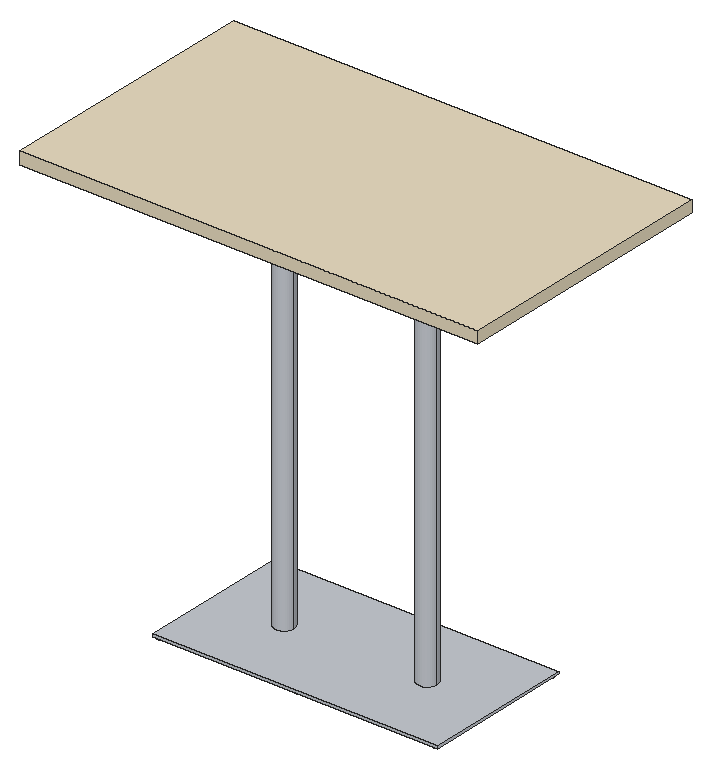
Revit family "FU_Table_Sandler_599AT-MT", category Furniture, Revit 2020
Family settings
  OmniClass Number = 23.40.20.00
  OmniClass Title = General Furniture and Specialties
  Work Plane-Based = No
  Always vertical = Yes
  Cut with Voids When Loaded = No
  Shared = No
  Room Calculation Point = No
Parameters (values of type "599AT-MT - 28x48" Top")
  Width = 747 mm
  URL = "https://www.sandlerseating.com/product/599at-mt/"
  Top Type = FU_TableTops_591 MT : 28x48" Top (70x120cm)
  Top Finish [instance] = Wood - Beech - Honey Stained
  Top Elevation = Height  # 1100 mm
  Model = "599AT-MT"
  Manufacturer = "Sandler"
  Height = 1100 mm
  Frame Finish [instance] = Metal - Paint -AL VR - White Aluminium
  Description = "Double column table base. Available in powdercoat and painted finishes.\r\nOptional upcharge for outdoor version with galvanized-treated frame and adjustable feet."
  Depth = 397 mm
  Default Elevation = 0 mm
Types (4, lengths in mm): name | Top Type | Top Finish | Frame Finish
  599AT-MT - 28x48" Top | FU_TableTops_591 MT : 28x48" Top (70x120cm) | Wood - Beech - Honey Stained | Metal - Paint -AL VR - White Aluminium
  599AT-MT - 28x52" Top | FU_TableTops_591 MT : 28x52" Top (70x130cm) | Wood - Beech - Grey Stained | Metal - Paint -AL VR - Pure White
  599AT-MT - 32x48" Top | FU_TableTops_591 MT : 32x48" Top (80x120cm) | Wood - Beech - Dark Brown Stained | Metal - Paint -AL VR - Chocolate Brown
  599AT-MT - 32x52" Top | FU_TableTops_591 MT : 32x52" Top (80x130cm) | Wood - Beech - Chestnut Stained | Metal - Paint -AL VR - Anthracite Grey
Reference planes
  plane 1 "Center (Front/Back)": y = 0
  plane 2: z = 0
  plane 3 "Center (Left/Right)": x = 0
  plane 4 "Right": x = -373.5
  plane 5 "Left": x = 373.5
  plane 6 "Back": y = 198.5
  plane 7 "Front": y = -198.5
  plane 8 "Height": z = 1100
  plane 9 "Glide height": z = 4
  plane 10 "LG H": y = 185.83
  plane 11: x = -187.5
  plane 12: x = 187.5
  plane 13: z = 1080
Forms (mm)
  Extrusion 1, solid, material "Metal - Paint -AL VR - White Aluminium" <- "Frame Finish"
    sketch origin (0, 0, 4) x (-1, 0, 0) y (0, -1, 0)
      loop
        line (373.5, -198.5) -> (373.5, 198.5) -> (-373.5, 198.5) -> (-373.5, -198.5) -> (373.5, -198.5)
    from 0 to 6
  Revolve 2, solid, material "Rubber, Black"
    sketch origin (0, 185.83, 0) x (-1, 0, 0) y (0, 0, 1)
      loop
        line (370.83, 4) -> (360.83, 4) -> (360.83, 0) -> (368.83, 0)
        arc (368.83, 0) -> (370.244, 0.586) -> (370.83, 2) r 2
        line (370.83, 2) -> (370.83, 4)
      axis (360.83, 4) -> (360.83, 0)
    angle from 0 to 360
  Revolve 3, solid, material "Rubber, Black"
    sketch origin (0, 185.83, 0) x (1, 0, 0) y (0, 0, 1)
      loop
        line (370.83, 4) -> (360.83, 4) -> (360.83, 0) -> (368.83, 0)
        arc (368.83, 0) -> (370.244, 0.586) -> (370.83, 2) r 2
        line (370.83, 2) -> (370.83, 4)
      axis (360.83, 4) -> (360.83, 0)
    angle from 0 to 360
  Revolve 4, solid, material "Rubber, Black"
    sketch origin (0, -185.83, 0) x (-1, 0, 0) y (0, 0, -1)
      loop
        line (370.83, -4) -> (370.83, -2)
        arc (370.83, -2) -> (370.244, -0.586) -> (368.83, 0) r 2
        line (368.83, 0) -> (360.83, 0) -> (360.83, -4) -> (370.83, -4)
      axis (360.83, -4) -> (360.83, 0)
    angle from 0 to 360
  Revolve 5, solid, material "Rubber, Black"
    sketch origin (0, -185.83, 0) x (1, 0, 0) y (0, 0, 1)
      loop
        line (370.83, 4) -> (360.83, 4) -> (360.83, 0) -> (368.83, 0)
        arc (368.83, 0) -> (370.244, 0.586) -> (370.83, 2) r 2
        line (370.83, 2) -> (370.83, 4)
      axis (360.83, 4) -> (360.83, 0)
    angle from 0 to 360
  Revolve 6, solid, material "Rubber, Black"
    sketch origin (-360.83, 185.83, 0) x (1, 0, 0) y (0, 0, 1)
      loop
        line (370.83, 4) -> (360.83, 4) -> (360.83, 0) -> (368.83, 0)
        arc (368.83, 0) -> (370.244, 0.586) -> (370.83, 2) r 2
        line (370.83, 2) -> (370.83, 4)
      axis (360.83, 4) -> (360.83, 0)
    angle from 0 to 360
  Revolve 7, solid, material "Rubber, Black"
    sketch origin (-360.83, -185.83, 0) x (1, 0, 0) y (0, 0, 1)
      loop
        line (370.83, 4) -> (360.83, 4) -> (360.83, 0) -> (368.83, 0)
        arc (368.83, 0) -> (370.244, 0.586) -> (370.83, 2) r 2
        line (370.83, 2) -> (370.83, 4)
      axis (360.83, 4) -> (360.83, 0)
    angle from 0 to 360
  Extrusion 8, solid, material "Metal - Paint -AL VR - White Aluminium" <- "Frame Finish"
    sketch origin (0, 0, 4) x (-1, 0, 0) y (0, -1, 0)
      loop
        circle (187.5, 0) r 25
    from 6 to 1076
  Extrusion 9, solid, material "Metal - Paint -AL VR - White Aluminium" <- "Frame Finish"
    sketch origin (0, 0, 4) x (1, 0, 0) y (0, 1, 0)
      loop
        circle (187.5, 0) r 25
    from 6 to 1076
  Extrusion 10, solid, material "Metal - Paint -AL VR - White Aluminium" <- "Frame Finish"
    sketch origin (0, 0, 1100) x (-1, 0, 0) y (0, -1, 0)
      loop
        line (235.5, 44.024) -> (307.236, 115.76)
        arc (307.236, 115.76) -> (304.418, 118.6) -> (301.532, 121.37) r 166.741
        line (301.532, 121.37) -> (227.879, 47.718) -> (147.12, 47.718) -> (73.468, 121.37)
        arc (73.468, 121.37) -> (70.582, 118.6) -> (67.764, 115.76) r 166.741
        line (67.764, 115.76) -> (139.5, 44.024) -> (139.5, -44.024) -> (67.486, -116.038)
        arc (67.486, -116.038) -> (70.298, -118.884) -> (73.177, -121.661) r 166.741
        line (73.177, -121.661) -> (146.556, -48.282) -> (228.444, -48.282) -> (301.823, -121.661)
        arc (301.823, -121.661) -> (304.702, -118.884) -> (307.514, -116.038) r 166.741
        line (307.514, -116.038) -> (235.5, -44.024) -> (235.5, 44.024)
    from -5.84 to -20
  Extrusion 11, solid, material "Metal - Paint -AL VR - White Aluminium" <- "Frame Finish"
    sketch origin (0, 0, 1100) x (-1, 0, 0) y (0, -1, 0)
      loop
        arc (235.5, 9.198) -> (237.694, 20.46) -> (243.955, 30.074) r 30
        line (243.955, 30.074) -> (342.527, 131.809)
        arc (342.527, 131.809) -> (344.782, 137.439) -> (342.439, 143.033) r 8
        line (342.439, 143.033) -> (329.622, 155.85)
        arc (329.622, 155.85) -> (323.965, 158.193) -> (318.308, 155.85) r 8
        line (318.308, 155.85) -> (219.527, 57.069)
        arc (219.527, 57.069) -> (209.794, 50.566) -> (198.314, 48.282) r 30
        line (198.314, 48.282) -> (176.686, 48.282)
        arc (176.686, 48.282) -> (165.206, 50.566) -> (155.473, 57.069) r 30
        line (155.473, 57.069) -> (56.692, 155.85)
        arc (56.692, 155.85) -> (51.035, 158.193) -> (45.378, 155.85) r 8
        line (45.378, 155.85) -> (32.561, 143.033)
        arc (32.561, 143.033) -> (30.218, 137.439) -> (32.473, 131.809) r 8
        line (32.473, 131.809) -> (131.045, 30.074)
        arc (131.045, 30.074) -> (137.306, 20.46) -> (139.5, 9.198) r 30
        line (139.5, 9.198) -> (139.5, -9.198)
        arc (139.5, -9.198) -> (137.306, -20.46) -> (131.045, -30.074) r 30
        line (131.045, -30.074) -> (32.473, -131.809)
        arc (32.473, -131.809) -> (30.218, -137.439) -> (32.561, -143.033) r 8
        line (32.561, -143.033) -> (45.378, -155.85)
        arc (45.378, -155.85) -> (51.035, -158.193) -> (56.692, -155.85) r 8
        line (56.692, -155.85) -> (155.473, -57.069)
        arc (155.473, -57.069) -> (165.206, -50.566) -> (176.686, -48.282) r 30
        line (176.686, -48.282) -> (198.314, -48.282)
        arc (198.314, -48.282) -> (209.794, -50.566) -> (219.527, -57.069) r 30
        line (219.527, -57.069) -> (318.308, -155.85)
        arc (318.308, -155.85) -> (323.965, -158.193) -> (329.622, -155.85) r 8
        line (329.622, -155.85) -> (342.439, -143.033)
        arc (342.439, -143.033) -> (344.782, -137.439) -> (342.527, -131.809) r 8
        line (342.527, -131.809) -> (243.955, -30.074)
        arc (243.955, -30.074) -> (237.694, -20.46) -> (235.5, -9.198) r 30
        line (235.5, -9.198) -> (235.5, 9.198)
      loop
        line (53.101, -141.055) -> (62.998, -131.158)
        arc (62.998, -131.158) -> (62.998, -125.502) -> (57.342, -125.502) r 3.999
        line (57.342, -125.502) -> (47.445, -135.399)
        arc (47.445, -135.399) -> (47.5, -141.001) -> (53.101, -141.055) r 4
      loop
        arc (321.899, -141.055) -> (327.5, -141.001) -> (327.555, -135.399) r 4
        line (327.555, -135.399) -> (317.658, -125.502)
        arc (317.658, -125.502) -> (312.002, -125.502) -> (312.002, -131.158) r 3.999
        line (312.002, -131.158) -> (321.899, -141.055)
      loop
        arc (53.101, 141.055) -> (47.5, 141.001) -> (47.445, 135.399) r 4
        line (47.445, 135.399) -> (57.342, 125.502)
        arc (57.342, 125.502) -> (62.998, 125.502) -> (62.998, 131.158) r 3.999
        line (62.998, 131.158) -> (53.101, 141.055)
      loop
        line (321.899, 141.055) -> (312.002, 131.158)
        arc (312.002, 131.158) -> (312.002, 125.502) -> (317.658, 125.502) r 3.999
        line (317.658, 125.502) -> (327.555, 135.399)
        arc (327.555, 135.399) -> (327.5, 141.001) -> (321.899, 141.055) r 4
      loop
        circle (187.5, 0) r 7.5
    from -9.84 to 0
  Extrusion 12, solid, material "Metal - Paint -AL VR - White Aluminium" <- "Frame Finish"
    sketch origin (0, 0, 1100) x (1, 0, 0) y (0, 1, 0)
      loop
        line (235.5, -44.024) -> (235.5, 44.024) -> (307.514, 116.038)
        arc (307.514, 116.038) -> (304.702, 118.884) -> (301.823, 121.661) r 166.741
        line (301.823, 121.661) -> (228.444, 48.282) -> (146.556, 48.282) -> (73.177, 121.661)
        arc (73.177, 121.661) -> (70.298, 118.884) -> (67.486, 116.038) r 166.741
        line (67.486, 116.038) -> (139.5, 44.024) -> (139.5, -44.024) -> (67.764, -115.76)
        arc (67.764, -115.76) -> (70.582, -118.6) -> (73.468, -121.37) r 166.741
        line (73.468, -121.37) -> (147.12, -47.718) -> (227.879, -47.718) -> (301.532, -121.37)
        arc (301.532, -121.37) -> (304.418, -118.6) -> (307.236, -115.76) r 166.741
        line (307.236, -115.76) -> (235.5, -44.024)
    from -5.84 to -20
  Extrusion 13, solid, material "Metal - Paint -AL VR - White Aluminium" <- "Frame Finish"
    sketch origin (0, 0, 1100) x (1, 0, 0) y (0, 1, 0)
      loop
        line (235.5, -9.198) -> (235.5, 9.198)
        arc (235.5, 9.198) -> (237.694, 20.46) -> (243.955, 30.074) r 30
        line (243.955, 30.074) -> (342.527, 131.809)
        arc (342.527, 131.809) -> (344.782, 137.439) -> (342.439, 143.033) r 8
        line (342.439, 143.033) -> (329.622, 155.85)
        arc (329.622, 155.85) -> (323.965, 158.193) -> (318.308, 155.85) r 8
        line (318.308, 155.85) -> (219.527, 57.069)
        arc (219.527, 57.069) -> (209.794, 50.566) -> (198.314, 48.282) r 30
        line (198.314, 48.282) -> (176.686, 48.282)
        arc (176.686, 48.282) -> (165.206, 50.566) -> (155.473, 57.069) r 30
        line (155.473, 57.069) -> (56.692, 155.85)
        arc (56.692, 155.85) -> (51.035, 158.193) -> (45.378, 155.85) r 8
        line (45.378, 155.85) -> (32.561, 143.033)
        arc (32.561, 143.033) -> (30.218, 137.439) -> (32.473, 131.809) r 8
        line (32.473, 131.809) -> (131.045, 30.074)
        arc (131.045, 30.074) -> (137.306, 20.46) -> (139.5, 9.198) r 30
        line (139.5, 9.198) -> (139.5, -9.198)
        arc (139.5, -9.198) -> (137.306, -20.46) -> (131.045, -30.074) r 30
        line (131.045, -30.074) -> (32.473, -131.809)
        arc (32.473, -131.809) -> (30.218, -137.439) -> (32.561, -143.033) r 8
        line (32.561, -143.033) -> (45.378, -155.85)
        arc (45.378, -155.85) -> (51.035, -158.193) -> (56.692, -155.85) r 8
        line (56.692, -155.85) -> (155.473, -57.069)
        arc (155.473, -57.069) -> (165.206, -50.566) -> (176.686, -48.282) r 30
        line (176.686, -48.282) -> (198.314, -48.282)
        arc (198.314, -48.282) -> (209.794, -50.566) -> (219.527, -57.069) r 30
        line (219.527, -57.069) -> (318.308, -155.85)
        arc (318.308, -155.85) -> (323.965, -158.193) -> (329.622, -155.85) r 8
        line (329.622, -155.85) -> (342.439, -143.033)
        arc (342.439, -143.033) -> (344.782, -137.439) -> (342.527, -131.809) r 8
        line (342.527, -131.809) -> (243.955, -30.074)
        arc (243.955, -30.074) -> (237.694, -20.46) -> (235.5, -9.198) r 30
      loop
        arc (53.101, 141.055) -> (47.5, 141.001) -> (47.445, 135.399) r 4
        line (47.445, 135.399) -> (57.342, 125.502)
        arc (57.342, 125.502) -> (62.998, 125.502) -> (62.998, 131.158) r 3.999
        line (62.998, 131.158) -> (53.101, 141.055)
      loop
        line (321.899, 141.055) -> (312.002, 131.158)
        arc (312.002, 131.158) -> (312.002, 125.502) -> (317.658, 125.502) r 3.999
        line (317.658, 125.502) -> (327.555, 135.399)
        arc (327.555, 135.399) -> (327.5, 141.001) -> (321.899, 141.055) r 4
      loop
        line (53.101, -141.055) -> (62.998, -131.158)
        arc (62.998, -131.158) -> (62.998, -125.502) -> (57.342, -125.502) r 3.999
        line (57.342, -125.502) -> (47.445, -135.399)
        arc (47.445, -135.399) -> (47.5, -141.001) -> (53.101, -141.055) r 4
      loop
        arc (321.899, -141.055) -> (327.5, -141.001) -> (327.555, -135.399) r 4
        line (327.555, -135.399) -> (317.658, -125.502)
        arc (317.658, -125.502) -> (312.002, -125.502) -> (312.002, -131.158) r 3.999
        line (312.002, -131.158) -> (321.899, -141.055)
      loop
        circle (187.5, 0) r 7.5
    from -9.84 to 0
Cuts and joins
  joined: Extrusion 1, Extrusion 8, Extrusion 9, Extrusion 10, Extrusion 11, Extrusion 12, Extrusion 13
Dimensions and locks
  equal spacing: plane 4 "Right", plane 3 "Center (Left/Right)", plane 5 "Left"
  "Width": plane 4 "Right" to plane 5 "Left"
  equal spacing: plane 6 "Back", plane 1 "Center (Front/Back)", plane 7 "Front"
  "Depth": plane 6 "Back" to plane 7 "Front"
  "Height": plane 8 "Height" to level
  plane 9 "Glide height" to level = 4 mm
  locked: plane 8 "Height" to plane 13 at 20
  aligned and locked: level to plane 2
  aligned and locked: plane 13 to cut or joined group of Extrusion 1, Extrusion 8, Extrusion 9, Extrusion 10, Extrusion 11, Extrusion 12, Extrusion 13  (x2)
Automatic sketch dimensions
  Extrusion 1 sketch curve to plane 5 "Left" = 0 mm
  Extrusion 1 sketch curve to plane 4 "Right" = 0 mm
  Extrusion 1 sketch curve to plane 6 "Back" = 0 mm
  Extrusion 1 sketch curve to plane 7 "Front" = 0 mm
  Revolve 2 sketch curve to plane 9 "Glide height" = 0 mm  (x2)
  Revolve 2 sketch curve to level = 0 mm
  level to Revolve 2 sketch curve = 2 mm
  Revolve 2 sketch curve to plane 4 "Right" = 4.67 mm
  Revolve 2 sketch curve to level = 1.303 mm
  Revolve 3 sketch curve to plane 9 "Glide height" = 0 mm  (x2)
  Revolve 3 sketch curve to level = 0 mm
  Revolve 3 sketch curve to plane 5 "Left" = 12.67 mm
  Revolve 3 sketch curve to level = 2 mm
  Revolve 3 sketch curve to plane 5 "Left" = 4.67 mm
  Revolve 3 sketch curve to Revolve 3 sketch curve = 0 mm
  Revolve 3 sketch curve to Revolve 3 sketch curve = 1.303 mm
  Revolve 4 sketch curve to plane 9 "Glide height" = 0 mm  (x2)
  Revolve 4 sketch curve to level = 0 mm
  level to Revolve 4 sketch curve = 2 mm
  Revolve 4 sketch curve to plane 4 "Right" = 4.67 mm
  Revolve 4 sketch curve to level = 1.303 mm
  Revolve 5 sketch curve to plane 9 "Glide height" = 0 mm  (x2)
  Revolve 5 sketch curve to level = 0 mm
  plane 5 "Left" to Revolve 5 sketch curve = 12.67 mm
  level to Revolve 5 sketch curve = 2 mm
  plane 5 "Left" to Revolve 5 sketch curve = 4.67 mm
  Revolve 5 sketch curve to Revolve 5 sketch curve = 0 mm
  Revolve 5 sketch curve to Revolve 5 sketch curve = 1.303 mm
  Revolve 6 sketch curve to plane 9 "Glide height" = 0 mm  (x2)
  Revolve 6 sketch curve to level = 0 mm
  plane 3 "Center (Left/Right)" to Revolve 6 sketch curve = 0 mm
  Revolve 6 sketch curve to level = 2 mm
  Revolve 6 sketch curve to plane 3 "Center (Left/Right)" = 8 mm
  Revolve 6 sketch curve to Revolve 6 sketch curve = 0 mm
  Revolve 6 sketch curve to Revolve 6 sketch curve = 1.303 mm
  Revolve 7 sketch curve to plane 9 "Glide height" = 0 mm  (x2)
  Revolve 7 sketch curve to level = 0 mm
  Revolve 7 sketch curve to plane 3 "Center (Left/Right)" = 0 mm
  level to Revolve 7 sketch curve = 2 mm
  plane 3 "Center (Left/Right)" to Revolve 7 sketch curve = 8 mm
  Revolve 7 sketch curve to Revolve 7 sketch curve = 0 mm
  Revolve 7 sketch curve to Revolve 7 sketch curve = 1.303 mm
  Extrusion 10 sketch curve to Extrusion 10 sketch curve = 0 mm  (x12)
  Extrusion 10 sketch curve to plane 11 = 0 mm
  Extrusion 10 sketch curve to plane 11 = 40.38 mm
  Extrusion 10 sketch curve to plane 11 = 40.944 mm
  Extrusion 10 sketch curve to Extrusion 10 sketch curve = 7.056 mm  (x2)
  Extrusion 10 sketch curve to plane 3 "Center (Left/Right)" = 73.468 mm
  Extrusion 10 sketch curve to plane 3 "Center (Left/Right)" = 73.177 mm
  Extrusion 10 sketch curve to Extrusion 10 sketch curve = 5.704 mm  (x2)
  Extrusion 10 sketch curve to Extrusion 10 sketch curve = 5.691 mm  (x2)
  plane 11 to Extrusion 10 sketch curve = 40.38 mm
  plane 11 to Extrusion 10 sketch curve = 40.944 mm
  Extrusion 10 sketch curve to plane 10 "LG H" = 64.169 mm  (x2)
  Extrusion 10 sketch curve to Extrusion 10 sketch curve = 5.623 mm
  Extrusion 10 sketch curve to plane 1 "Center (Front/Back)" = 48.282 mm
  Extrusion 10 sketch curve to Extrusion 10 sketch curve = 4.258 mm  (x2)
  plane 1 "Center (Front/Back)" to Extrusion 10 sketch curve = 44.024 mm  (x2)
  Extrusion 10 sketch curve to Extrusion 10 sketch curve = 3.693 mm
  plane 7 "Front" to Extrusion 10 sketch curve = 82.74 mm  (x2)
  plane 1 "Center (Front/Back)" to Extrusion 11 sketch curve = 0 mm
  Extrusion 11 sketch curve to plane 11 = 0 mm
  Extrusion 11 sketch curve to plane 11 = 10.814 mm  (x2)
  Extrusion 11 sketch curve to Extrusion 11 sketch curve = 21.213 mm  (x5)
  plane 1 "Center (Front/Back)" to Extrusion 11 sketch curve = 9.198 mm  (x2)
  Extrusion 11 sketch curve to plane 11 = 48 mm
  Extrusion 11 sketch curve to plane 1 "Center (Front/Back)" = 30.074 mm  (x2)
  Extrusion 11 sketch curve to Extrusion 11 sketch curve = 8.455 mm  (x4)
  plane 1 "Center (Front/Back)" to Extrusion 11 sketch curve = 30.074 mm  (x2)
  Extrusion 11 sketch curve to plane 1 "Center (Front/Back)" = 9.198 mm  (x2)
  Extrusion 11 sketch curve to plane 3 "Center (Left/Right)" = 62.998 mm  (x2)
  Extrusion 11 sketch curve to Extrusion 11 sketch curve = 2.828 mm  (x12)
  Extrusion 11 sketch curve to Extrusion 11 sketch curve = 6.306 mm  (x4)
  Extrusion 11 sketch curve to Extrusion 11 sketch curve = 9.897 mm  (x8)
  Extrusion 11 sketch curve to Extrusion 11 sketch curve = 5.657 mm  (x18)
  Extrusion 11 sketch curve to Extrusion 11 sketch curve = 2.773 mm  (x6)
  Extrusion 11 sketch curve to Extrusion 11 sketch curve = 2.883 mm  (x6)
  Extrusion 11 sketch curve to plane 10 "LG H" = 29.98 mm  (x2)
  Extrusion 11 sketch curve to Extrusion 11 sketch curve = 9.227 mm  (x4)
  Extrusion 11 sketch curve to Extrusion 11 sketch curve = 5.745 mm  (x4)
  plane 11 to Extrusion 11 sketch curve = 10.814 mm  (x2)
  plane 11 to Extrusion 11 sketch curve = 48 mm
  Extrusion 11 sketch curve to Extrusion 11 sketch curve = 12.817 mm  (x2)
  Extrusion 11 sketch curve to Extrusion 11 sketch curve = 9.138 mm  (x4)
  Extrusion 11 sketch curve to Extrusion 11 sketch curve = 48.208 mm
  Extrusion 11 sketch curve to Extrusion 11 sketch curve = 0 mm
  plane 1 "Center (Front/Back)" to Extrusion 11 sketch curve = 48.282 mm
  Extrusion 11 sketch curve to Extrusion 11 sketch curve = 8.787 mm  (x2)
  plane 7 "Front" to Extrusion 11 sketch curve = 72.998 mm  (x2)
  Extrusion 11 sketch curve to Extrusion 11 sketch curve = 6.307 mm  (x2)
  Extrusion 11 sketch curve to Extrusion 11 sketch curve = 5.567 mm  (x2)
  Extrusion 12 sketch curve to Extrusion 12 sketch curve = 0 mm  (x12)
  Extrusion 12 sketch curve to plane 3 "Center (Left/Right)" = 67.486 mm
  Extrusion 12 sketch curve to plane 3 "Center (Left/Right)" = 67.764 mm
  Extrusion 12 sketch curve to Extrusion 12 sketch curve = 5.691 mm  (x2)
  Extrusion 12 sketch curve to Extrusion 12 sketch curve = 5.704 mm  (x2)
  plane 1 "Center (Front/Back)" to Extrusion 12 sketch curve = 44.024 mm  (x2)
  Extrusion 12 sketch curve to Extrusion 12 sketch curve = 72.014 mm
  plane 1 "Center (Front/Back)" to Extrusion 12 sketch curve = 48.282 mm
  Extrusion 12 sketch curve to Extrusion 12 sketch curve = 7.056 mm  (x2)
  Extrusion 12 sketch curve to plane 1 "Center (Front/Back)" = 47.718 mm
  Extrusion 12 sketch curve to Extrusion 12 sketch curve = 7.62 mm
  plane 1 "Center (Front/Back)" to Extrusion 12 sketch curve = 0.282 mm
  Extrusion 12 sketch curve to Extrusion 12 sketch curve = 40.38 mm  (x2)
  Extrusion 12 sketch curve to Extrusion 12 sketch curve = 40.944 mm
  Extrusion 12 sketch curve to plane 5 "Left" = 71.968 mm
  Extrusion 12 sketch curve to plane 5 "Left" = 71.677 mm
  plane 10 "LG H" to Extrusion 12 sketch curve = 69.792 mm  (x2)
  Extrusion 12 sketch curve to Extrusion 12 sketch curve = 3.693 mm  (x2)
  Extrusion 12 sketch curve to plane 7 "Front" = 82.74 mm  (x2)
  plane 1 "Center (Front/Back)" to Extrusion 13 sketch curve = 0 mm
  Extrusion 13 sketch curve to plane 3 "Center (Left/Right)" = 32.473 mm  (x2)
  Extrusion 13 sketch curve to Extrusion 13 sketch curve = 0.089 mm  (x2)
  Extrusion 13 sketch curve to Extrusion 13 sketch curve = 5.745 mm  (x4)
  Extrusion 13 sketch curve to Extrusion 13 sketch curve = 12.817 mm  (x4)
  Extrusion 13 sketch curve to Extrusion 13 sketch curve = 9.227 mm  (x4)
  Extrusion 13 sketch curve to Extrusion 13 sketch curve = 2.883 mm  (x6)
  Extrusion 13 sketch curve to Extrusion 13 sketch curve = 5.657 mm  (x16)
  Extrusion 13 sketch curve to Extrusion 13 sketch curve = 2.773 mm  (x6)
  plane 10 "LG H" to Extrusion 13 sketch curve = 29.98 mm  (x2)
  Extrusion 13 sketch curve to Extrusion 13 sketch curve = 9.897 mm  (x8)
  Extrusion 13 sketch curve to Extrusion 13 sketch curve = 2.828 mm  (x12)
  plane 1 "Center (Front/Back)" to Extrusion 13 sketch curve = 9.198 mm  (x2)
  Extrusion 13 sketch curve to plane 3 "Center (Left/Right)" = 109.5 mm
  Extrusion 13 sketch curve to Extrusion 13 sketch curve = 0 mm
  Extrusion 13 sketch curve to plane 1 "Center (Front/Back)" = 30.074 mm  (x2)
  Extrusion 13 sketch curve to Extrusion 13 sketch curve = 21.545 mm  (x2)
  plane 1 "Center (Front/Back)" to Extrusion 13 sketch curve = 30.074 mm  (x2)
  Extrusion 13 sketch curve to plane 1 "Center (Front/Back)" = 57.069 mm  (x2)
  Extrusion 13 sketch curve to Extrusion 13 sketch curve = 24.427 mm  (x2)
  plane 1 "Center (Front/Back)" to Extrusion 13 sketch curve = 57.069 mm  (x2)
  Extrusion 13 sketch curve to Extrusion 13 sketch curve = 21.213 mm  (x5)
  Extrusion 13 sketch curve to Extrusion 13 sketch curve = 48 mm  (x2)
  Extrusion 13 sketch curve to Extrusion 13 sketch curve = 21.628 mm  (x2)
  Extrusion 13 sketch curve to plane 1 "Center (Front/Back)" = 9.198 mm
  Extrusion 13 sketch curve to Extrusion 13 sketch curve = 8.455 mm  (x2)
  Extrusion 13 sketch curve to plane 5 "Left" = 61.498 mm  (x2)
  Extrusion 13 sketch curve to Extrusion 13 sketch curve = 6.306 mm  (x2)
  Extrusion 13 sketch curve to Extrusion 13 sketch curve = 9.138 mm  (x4)
  Extrusion 13 sketch curve to Extrusion 13 sketch curve = 8.787 mm
  Extrusion 13 sketch curve to plane 7 "Front" = 72.998 mm  (x2)
  Extrusion 13 sketch curve to Extrusion 13 sketch curve = 6.307 mm  (x2)
  Extrusion 13 sketch curve to Extrusion 13 sketch curve = 5.567 mm  (x2)
  Revolve 2 sketch curve to Revolve 2 sketch curve = 8 mm
  Revolve 2 sketch curve to Revolve 2 sketch curve = 0 mm
  Revolve 4 sketch curve to Revolve 4 sketch curve = 8 mm
  Revolve 4 sketch curve to Revolve 4 sketch curve = 0 mm
  Extrusion 10 sketch curve to plane 4 "Right" = 71.968 mm
  Extrusion 10 sketch curve to plane 4 "Right" = 71.677 mm
  Extrusion 11 sketch curve to plane 4 "Right" = 61.498 mm  (x2)
  plane 1 "Center (Front/Back)" to Extrusion 8 sketch curve = 0 mm
  Extrusion 8 sketch curve to plane 11 = 0 mm
  plane 1 "Center (Front/Back)" to Extrusion 9 sketch curve = 0 mm
  Extrusion 9 sketch curve to plane 12 = 0 mm
  radius of Extrusion 11 sketch curve = 7.5 mm
  radius of Extrusion 13 sketch curve = 7.5 mm
  radius of Extrusion 8 sketch curve = 25 mm
  radius of Extrusion 9 sketch curve = 25 mm
Nested families
  nested 1: "FU_TableTops_591 MT" at (0, 0, 0), Top Finish <- "Top Finish", type <- "Top Type", Top Elevation <- "Top Elevation", type "28x48" Top (70x120cm)"
    with Top Finish Wood - Beech - Honey Stained, Top Elevation 1100 mm
Definition of nested family "FU_TableTops_591 MT"
  Parameters (values of type "32x55" Top (80x140cm)")
    Width = 1400 mm
    Top Finish [instance] = none
    Top Elevation [instance] = 1100 mm
    Depth = 800 mm
    Default Elevation = 0 mm
  Types (6, lengths in mm): name | Width | Depth
    28x48" Top (70x120cm) | 1200 | 700
    28x52" Top (70x130cm) | 1300 | 700
    32x48" Top (80x120cm) | 1200 | 800
    32x52" Top (80x130cm) | 1300 | 800
    28x55" Top (70x140cm) | 1400 | 700
    32x55" Top (80x140cm) | 1400 | 800
  Reference planes
    plane 1 "Center (Front/Back)": y = 0
    plane 2: z = 0
    plane 3 "Center (Left/Right)": x = 0
    plane 4 "Right": x = -700
    plane 5 "Left": x = 700
    plane 6 "Back": y = 400
    plane 7 "Front": y = -400
    plane 8 "Elevation": z = 1100
    plane 9 "Top Height": z = 1131.75
  Forms (mm)
    Extrusion 1, solid, material <- "Top Finish"
      sketch origin (0, 0, 1100) x (-1, 0, 0) y (0, -1, 0)
        loop
          line (700, -400) -> (700, 400) -> (-700, 400) -> (-700, -400) -> (700, -400)
      from 0 to 31.75
  Dimensions and locks
    equal spacing: plane 4 "Right", plane 3 "Center (Left/Right)", plane 5 "Left"
    "Width": plane 4 "Right" to plane 5 "Left"
    equal spacing: plane 6 "Back", plane 1 "Center (Front/Back)", plane 7 "Front"
    "Depth": plane 6 "Back" to plane 7 "Front"
    "Top Elevation": plane 8 "Elevation" to level
    locked: plane 9 "Top Height" to plane 8 "Elevation" at 31.75
    aligned and locked: level to plane 2
    aligned and locked: Extrusion 1 sketch curve to plane 6 "Back"
    aligned and locked: Extrusion 1 sketch curve to plane 4 "Right"
    aligned and locked: plane 7 "Front" to Extrusion 1 sketch curve
    aligned and locked: plane 5 "Left" to Extrusion 1 sketch curve
    aligned and locked: Extrusion 1 to plane 8 "Elevation"
    aligned and locked: plane 8 "Elevation" to Extrusion 1  (x2)
    aligned and locked: plane 9 "Top Height" to Extrusion 1
    aligned and locked: Extrusion 1 to plane 9 "Top Height"
